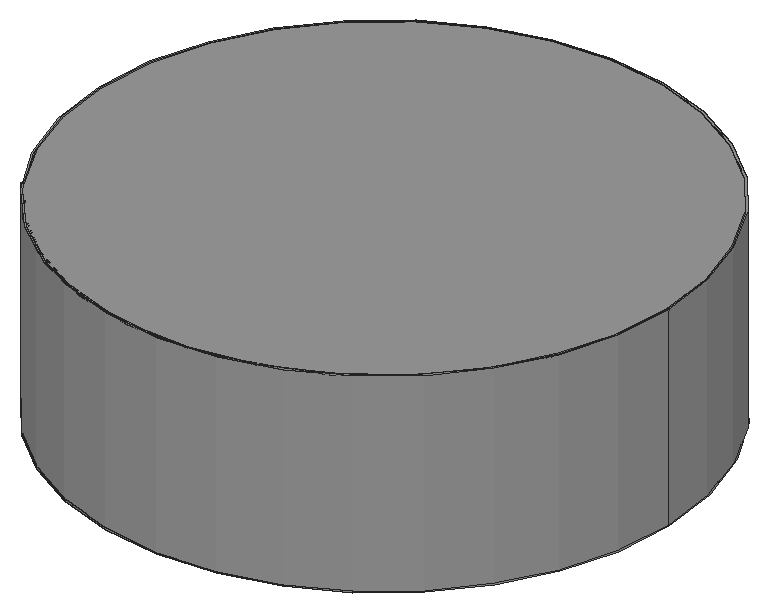
Revit family "Artemide_Tagora_Ceiling_570", category Lighting Fixtures, Revit 2018
Family settings
  Round Connector Dimension = Use Diameter
  Part Type = Normal
  Work Plane-Based = Yes
  Always vertical = Yes
  Cut with Voids When Loaded = No
  Light Source = Yes
  Shared = No
  Room Calculation Point = No
Parameters (values of type "Tagora_Ceiling_570_4000K_DaliSwitchDim_Beige/White_M248321")
  Wattage = 58 W
  built-in parameter 1150110 = 1 (stored number, unit not read)
  Voltage = "-"
  built-in parameter 1114217 = 1 (stored number, unit not read)
  Tilt Angle = 90.00°
  built-in parameter 1150109 = 1 (stored number, unit not read)
  built-in parameter 1150134 = 12
  built-in parameter 1150113 = 1 (stored number, unit not read)
  Radius_InternalCylinder = Radius_ExternalCyilinder - 2 mm  # 283 mm
  Radius_ExternalCyilinder = 285 mm
  Product Range = "Tagora"
  Photometric Web File = "M248321.IES"
  Max Height from ceiling = 0 mm
  M_HousingCylinder = Artemide_Aluminum_Beige
  M_Housing = Artemide_Aluminum_White
  M_Diffuser = Artemide_Glass_LightBulb
  built-in parameter 1150105 = 303.98 (stored number, unit not read)
  Lumens = 3819.88 lm
  built-in parameter 1150115 = 1 (stored number, unit not read)
  built-in parameter 1150137 = (empty or 0)
  built-in parameter 1150139 = (empty or 0)
  built-in parameter 1150112 = 1 (stored number, unit not read)
  built-in parameter 1150114 = 1 (stored number, unit not read)
  built-in parameter 1150132 = (empty or 0)
  built-in parameter 1150102 = (empty or 0)
  built-in parameter 1150107 = 4000 (stored number, unit not read)
  built-in parameter 1150138 = (empty or 0)
  built-in parameter 1150106 = 3.0398 (stored number, unit not read)
  IfcExportType = "NOT DEFINED"  # constant formula
  IfcExportAs = "IfcLightFixtureType"  # constant formula
  Weekly = "-"
  Warranty ID = "https://cloud.artemide.com/5-years-warranty"
  Upward Component  = 0
  Unified Glare Rating  = "-"
  Uniclass 2015 = "Pr_70_70_48"  # constant formula
  URL to O&M Manual = "https://www.artemide.com/contents/documenti/prodotto/tagora_soffitto_570_instructions2492521.pdf"
  URL to Energy Technology List = "-"
  Trim Material = "-"
  Trim Finish = "-"
  Trim Colour  = "-"
  Total Power = 0
  Total Light Output  = 0
  Testing method = "-"
  Supply Phase = 0
  Suitable for Photocell Control = "-"
  Suitable for Motion Detector Control = "N"
  Suitable for Dimming  = "Y"
  Suitable Dimmer Type = "DALI"
  Standards = "-"
  Shipping Weight = 0
  Service life  = "-"
  Secondary Rated Lamp Life = 0
  Secondary Lamp Voltage = 0
  Secondary Lamp International Type Code = "-"
  Secondary Lamp Initial Lumens  = 0
  Secondary Lamp Included = "-"
  Secondary Lamp Efficacy = 0
  Secondary Lamp Colour Temperature = 0
  Secondary Lamp Colour Rendering Index = 0
  Secondary Lamp Cap = "-"
  Secondary Lamp = "-"
  Responsible Sourcing of Materials = "-"
  Responsible Extraction of Materials = "-"
  Reflector Material = "-"
  Reflector Finish = "-"
  Rated Lamp Life = 50000
  Quarterly = "-"
  Product Model Number = "M248321"
  Product Literature = "https://www.artemide.com/en/subfamily/1684770/tagora-ceiling-570"
  Primary Lamp Type = "LED"
  Power Supply Kit = "-"
  Power Factor = 0
  Photocell = "-"
  Overall Width = 0
  Overall Light Output Ratio = 0
  Overall Length = 570
  Overall Height = 190
  Output Lumens Indirect light = 0
  Output Lumens Direct light = 3820
  Number of Secondary Lamps = 0
  Number of Primary Lamps = 1
  Number of Poles = 0
  Motion Sensor = "-"
  Motion Detector = "-"
  Monthly = "-"
  Minimum Operating Temperature = 0
  Maximum Operating Temperature = 0
  Material Ingredient Reporting = "-"
  Manufacturer Website = "https://www.artemide.com"
  Manufacturer = "Artemide"
  Maintenance Required: 8001-12000hrs  = "-"
  Maintenance Required: 601-1000hrs = "-"
  Maintenance Required: 4001-8000hrs  = "-"
  Maintenance Required: 301-600hrs  = "-"
  Maintenance Required: 2001-4000hrs  = "-"
  Maintenance Required: 1001-2000hrs  = "-"
  Maintenance Required: 0-300hrs  = "-"
  Luminance at 65deg Angle = 0
  Luminaire Type = "Ceiling lamp"
  Luminaire Maintenance Factor = 0
  Luminaire Cleaning Interval  = "-"
  Louvre/Lens = "-"
  Location of Manufacturer = "-"
  Light Output Pattern = "-"
  Light Fixture Mounting Type = "Ceiling"
  Life Cycle Analysis = "-"
  Lamp Survival Factor = "-"
  Lamp Replacement Interval = "-"
  Lamp Included = "Y"
  Lamp Holder Material = "-"
  Lamp Cap = "LED Integrated"
  LED lifetime = 50000
  LED Maintained Colour Variation         = 0
  LED Initial Colour Variation                      = 0
  International Type Code = "-"
  Intended Market = "Unset"
  Integral Fuse or Circuit Protection  = "-"
  Integral Emergency Lighting Battery Type = "-"
  Input Lumens Indirect light = 0
  Input Lumens Direct light = 8880
  Initial Lumens = 3820
  Infills = "-"
  IP Rating = "IP20"
  IK Rating = "-"
  IES Files  = "https://www.artemide.com/product/downloadFile/1687460/ieseu/4887894"
  Housing Material = "Aluminium"
  Housing Finish  = "Painted"
  Housing Colour  = "Beige/White"
  Hazardous Area Protection Type = "-"
  Hazardous Area Category = "-"
  Gross Weight = 4.8
  Green Guide for Specification = "-"
  Gasket Material = "-"
  Frequency  = 0
  Fixings = "-"
  Fixing Material = "-"
  Fire Shroud = "-"
  Fire Rating Duration = 0
  Fire Rated Temperature = 0
  Fire Rated = "-"
  Features = "Any additional components/accessories included in this file are required to complete the product/configuration and must be ordered separately.Please check the catalogue/dedicated brochure for more information"
  Face Width = 0
  Face Shape = "Cylindrical"
  Face Length = 0
  External Control Line Voltage = 0
  Expected Life = "-"
  Environmental Product Declaration = "-"
  End Caps/Transition Caps/Joints = "-"
  Emit from Circle Diameter = 475 mm
  Emit Shape Visible in Rendering = no
  Emergency light output percentage = 0
  Emergency Lighting Battery = "-"
  Emergency Charging Power       = 0
  Emergency = "N"
  Embodied Carbon  = 0
  Efficiency = 43
  built-in parameter 1150104 = 6.1186 (stored number, unit not read)
  Earth Point  = "-"
  ENEC Certification of European conformity = "N"
  Duration of Integral Emergency Lighting  = 0
  Drive Current                                          = 0
  Downward Component = 0
  Distance_HeightLamp = 194.5 mm
  Dimming Lamp Color Temperature Shift = <None>
  Diffusing screen = "-"
  Diffuser Material  = "-"
  Diffuser Finish = "-"
  Designed by = "S./R. Cornelissen"
  Default Elevation = 1219.2 mm
  Daylight Sensor = "-"
  Daily = "-"
  Cut Out Width = 0
  Cut Out Length = 0
  Current  = 0
  Control Gear Type = "-"
  Control Gear Standby Power  = 0
  Control Gear Required = "-"
  Control Gear Location = "-"
  Column = "-"
  Colour Temperature = 4000
  Colour Rendering Index = 80
  Color Filter = 16777215
  Cable Material = "-"
  CE Approval = "Y"
  Bespoke Timeframe = "-"
  Beam Angle Transverse Axis  = 0.00°
  Beam Angle Longditudinal Axis  = 0.00°
  Basis of lifetime luminaire failures        = 0
  Basis of lifetime lumen depreciation   = 0
  built-in parameter 1114218 = 1 (stored number, unit not read)
  built-in parameter 1150133 = 10 (stored number, unit not read)
  Application Environment = "Internal"
  Annually = "-"
  Ambient Temperature                             = 0
  Air Handling = "-"
  Access Clearance Top = 0
  Access Clearance Right = 0
  Access Clearance Rear = 0
  Access Clearance Left = 0
  Access Clearance Front = 0
  Access Clearance Bottom = 0
  6 Monthly = "-"
Types (10, lengths in mm): name | built-in parameter 1150134 | Photometric Web File | M_HousingCylinder | M_Housing | built-in parameter 1150105 | Lumens | built-in parameter 1150107 | built-in parameter 1150106 | Product Model Number | Output Lumens Direct light | Input Lumens Direct light | Initial Lumens | IES Files  | Housing Colour  | built-in parameter 1150104 | Colour Temperature
  Tagora_Ceiling_570_3000K_DaliSwitchDim_Beige/White_M248221 | (empty or 0) | "M248221.IES" | Artemide_Aluminum_Beige | Artemide_Aluminum_White | 285.93 (stored number, unit not read) | 3593.1 lm | 3000 (stored number, unit not read) | 2.8593 (stored number, unit not read) | "M248221" | 3593 | 8352 | 3593 | "https://www.artemide.com/product/downloadFile/1686842/ieseu/4887806" | "Beige/White" | 5.7553 (stored number, unit not read) | 3000
  Tagora_Ceiling_570_4000K_DaliSwitchDim_Beige/White_M248321 | 12 | "M248321.IES" | Artemide_Aluminum_Beige | Artemide_Aluminum_White | 303.98 (stored number, unit not read) | 3819.88 lm | 4000 (stored number, unit not read) | 3.0398 (stored number, unit not read) | "M248321" | 3820 | 8880 | 3820 | "https://www.artemide.com/product/downloadFile/1687460/ieseu/4887894" | "Beige/White" | 6.1186 (stored number, unit not read) | 4000
  Tagora_Ceiling_570_3000K_DaliSwitchDim_Grey/White_M248261 | (empty or 0) | "M248261.IES" | Artemide_Aluminum_Grey | Artemide_Aluminum_White | 285.93 (stored number, unit not read) | 3593.1 lm | 3000 (stored number, unit not read) | 2.8593 (stored number, unit not read) | "M248261" | 3593 | 8352 | 3593 | "https://www.artemide.com/product/downloadFile/1686632/ieseu/4887688" | "Grey/White" | 5.7553 (stored number, unit not read) | 3000
  Tagora_Ceiling_570_4000K_DaliSwitchDim_Grey/White_M248361 | 12 | "M248361.IES" | Artemide_Aluminum_Grey | Artemide_Aluminum_White | 303.98 (stored number, unit not read) | 3819.88 lm | 4000 (stored number, unit not read) | 3.0398 (stored number, unit not read) | "M248361" | 3820 | 8880 | 3820 | "https://www.artemide.com/product/downloadFile/1687256/ieseu/4887929" | "Grey/White" | 6.1186 (stored number, unit not read) | 4000
  Tagora_Ceiling_570_3000K_DaliSwitchDim_Black/Orange_M248211 | (empty or 0) | "M248211.IES" | Artemide_Aluminum_Black | Artemide_Aluminum_Orange | 285.93 (stored number, unit not read) | 3593.1 lm | 3000 (stored number, unit not read) | 2.8593 (stored number, unit not read) | "M248211" | 3593 | 8352 | 3593 | "https://www.artemide.com/product/downloadFile/1686316/ieseu/4887853" | "Black/Orange" | 5.7553 (stored number, unit not read) | 3000
  Tagora_Ceiling_570_4000K_DaliSwitchDim_Black/Orange_M248311 | 12 | "M248311.IES" | Artemide_Aluminum_Black | Artemide_Aluminum_Orange | 303.98 (stored number, unit not read) | 3819.88 lm | 4000 (stored number, unit not read) | 3.0398 (stored number, unit not read) | "M248311" | 3820 | 8880 | 3820 | "https://www.artemide.com/product/downloadFile/1687052/ieseu/4887889" | "Black/Orange" | 6.1186 (stored number, unit not read) | 4000
  Tagora_Ceiling_570_3000K_DaliSwitchDim_Black/Blue_M248231 | (empty or 0) | "M248231.IES" | Artemide_Aluminum_Black | Artemide_Aluminum_Blue | 285.93 (stored number, unit not read) | 3593.1 lm | 3000 (stored number, unit not read) | 2.8593 (stored number, unit not read) | "M248231" | 3593 | 8352 | 3593 | "https://www.artemide.com/product/downloadFile/2492318/ieseu/4887641" | "Black/Blue" | 5.7553 (stored number, unit not read) | 3000
  Tagora_Ceiling_570_4000K_DaliSwitchDim_Black/Blue_M248331 | 12 | "M248331.IES" | Artemide_Aluminum_Black | Artemide_Aluminum_Blue | 303.98 (stored number, unit not read) | 3819.88 lm | 4000 (stored number, unit not read) | 3.0398 (stored number, unit not read) | "M248331" | 3820 | 8880 | 3820 | "https://www.artemide.com/product/downloadFile/2493177/ieseu/4887924" | "Black/Blue" | 6.1186 (stored number, unit not read) | 4000
  Tagora_Ceiling_570_3000K_DaliSwitchDim_Black/Green_M248241 | (empty or 0) | "M248241.IES" | Artemide_Aluminum_Black | Artemide_Aluminum_Green | 285.93 (stored number, unit not read) | 3593.1 lm | 3000 (stored number, unit not read) | 2.8593 (stored number, unit not read) | "M248241" | 3593 | 8352 | 3593 | "https://www.artemide.com/product/downloadFile/2492824/ieseu/4887725" | "Black/Green" | 5.7553 (stored number, unit not read) | 3000
  Tagora_Ceiling_570_4000K_DaliSwitchDim_Black/Green_M248341 | 12 | "M248341.IES" | Artemide_Aluminum_Black | Artemide_Aluminum_Green | 303.98 (stored number, unit not read) | 3819.88 lm | 4000 (stored number, unit not read) | 3.0398 (stored number, unit not read) | "M248341" | 3820 | 8880 | 3820 | "https://www.artemide.com/product/downloadFile/2493516/ieseu/4887880" | "Black/Green" | 6.1186 (stored number, unit not read) | 4000
Reference planes
  plane 1 "Center (Front/Back)": y = 0
  plane 2 "Top Lamp": z = 0
  plane 3 "Center (Left/Right)": x = 0
  plane 4 "Bottom Internal Cone": z = -193
  plane 5: z = -96.5
  plane 6: z = -71.603
  plane 7 "Top Internal Cone": z = -51
  plane 8 "Center L/T": z = -70.335
  plane 9 "Bottom Lamp": z = -194.5
  plane 10 "Light": z = -83.813
  plane 11: z = -1.5
  plane 12: z = -99.5
Forms (mm)
  Extrusion 1, solid, material "Artemide_Aluminum_Beige" <- "M_HousingCylinder"
    sketch origin (0, 0, 0) x (1, 0, 0) y (0, 1, 0)
      loop
        circle (0, 0) r 285
      loop
        circle (0, 0) r 283
    from -193 to 0
  Extrusion 2, solid, material "Artemide_Aluminum_Beige" <- "M_HousingCylinder"
    sketch origin (0, 0, 0) x (1, 0, 0) y (0, 1, 0)
      loop
        circle (0, 0) r 283
    from -1.5 to 0
  Revolve 3, solid, material "Artemide_Aluminum_White" <- "M_Housing"
    sketch origin (0, 0, 0) x (1, 0, 0) y (0, 0, 1)
      loop
        line (-225.911, -51) -> (-225.911, -71.603) -> (0, -71.603) -> (0, -70.335) -> (-224.411, -70.335) -> (-224.411, -51) -> (-225.911, -51)
      axis (0, -51) -> (0, -71.603)
    angle from 0 to 360
  Revolve 4, solid, material "Artemide_Aluminum_White" <- "M_Housing"
    sketch origin (0, 0, 0) x (1, 0, 0) y (0, 0, 1)
      loop
        line (-225.911, -70.335) -> (-283.111, -193) -> (-285, -193) -> (-285, -194.5) -> (-282.045, -194.5) -> (-224.146, -70.335) -> (-225.911, -70.335)
      axis (0, -70.335) -> (0, -194.5)
    angle from 0 to 360
  Revolve 5, solid, material "Artemide_Glass_LightBulb" <- "M_Diffuser"
    sketch origin (0, 0, 0) x (1, 0, 0) y (0, 0, 1)
      loop
        line (0, -96.5) -> (-236.101, -96.5) -> (-237.5, -99.5) -> (0, -99.5) -> (0, -96.5)
      axis (0, -96.5) -> (0, -99.5)
    angle from 0 to 360
Dimensions and locks
  locked: level to plane 11 at 1.5
  "Distance_HeightLamp": plane 2 "Top Lamp" to plane 9 "Bottom Lamp"
  locked: plane 4 "Bottom Internal Cone" to plane 9 "Bottom Lamp" at 1.5
  locked: plane 12 to plane 4 "Bottom Internal Cone" at 93.5
  locked: plane 5 to plane 12 at 3
  locked: imposter light to plane 5 at 12.687
  locked: plane 6 to plane 10 "Light" at 12.21
  locked: plane 8 "Center L/T" to plane 6 at 1.268
  locked: plane 7 "Top Internal Cone" to plane 8 "Center L/T" at 19.335
  "Radius_ExternalCyilinder": radius of Extrusion 1 sketch curve
  "Radius_InternalCylinder": radius of Extrusion 1 sketch curve
  "Radius_InternalCylinder": radius of Extrusion 2 sketch curve
  aligned and locked: level to plane 2 "Top Lamp"
  aligned and locked: plane 10 "Light" to imposter light
  aligned and locked: plane 3 "Center (Left/Right)" to imposter light
  aligned and locked: imposter light to plane 1 "Center (Front/Back)"
  aligned and locked: plane 3 "Center (Left/Right)" to Extrusion 1 sketch curve  (x2)
  aligned and locked: plane 1 "Center (Front/Back)" to Extrusion 1 sketch curve  (x2)
  aligned and locked: Extrusion 1 to plane 4 "Bottom Internal Cone"
  aligned and locked: plane 2 "Top Lamp" to Extrusion 1
  aligned and locked: plane 3 "Center (Left/Right)" to Extrusion 2 sketch curve
  aligned and locked: plane 1 "Center (Front/Back)" to Extrusion 2 sketch curve
  aligned and locked: plane 2 "Top Lamp" to Extrusion 2
  aligned and locked: Extrusion 2 to plane 11
  aligned and locked: Revolve 3 sketch curve to plane 7 "Top Internal Cone"
  aligned and locked: Revolve 3 sketch curve to plane 8 "Center L/T"
  aligned and locked: plane 6 to Revolve 3 sketch curve
  aligned and locked: Revolve 3 sketch curve to plane 3 "Center (Left/Right)"
  aligned and locked: Revolve 4 sketch curve to plane 8 "Center L/T"
  aligned and locked: plane 4 "Bottom Internal Cone" to Revolve 4 sketch curve
  aligned and locked: Revolve 4 sketch curve to plane 9 "Bottom Lamp"
  aligned and locked: Revolve 4 sketch curve to plane 3 "Center (Left/Right)"
  aligned and locked: plane 5 to Revolve 5 sketch curve
  aligned and locked: Revolve 5 sketch curve to plane 12
  aligned and locked: Revolve 5 sketch curve to plane 3 "Center (Left/Right)"
Automatic sketch dimensions
  Revolve 3 sketch curve to plane 3 "Center (Left/Right)" = 0 mm
  Revolve 3 sketch curve to plane 3 "Center (Left/Right)" = 224.411 mm
  Revolve 3 sketch curve to Revolve 3 sketch curve = 1.5 mm
  Revolve 3 sketch curve to plane 9 "Bottom Lamp" = 1345.919 mm
  level to Revolve 3 sketch curve = 2214.315 mm
  Revolve 4 sketch curve to plane 3 "Center (Left/Right)" = 285 mm
  Revolve 4 sketch curve to Revolve 4 sketch curve = 1.889 mm
  Revolve 4 sketch curve to Revolve 4 sketch curve = 1.066 mm
  Revolve 4 sketch curve to Revolve 4 sketch curve = 57.2 mm
  Revolve 4 sketch curve to Revolve 4 sketch curve = 1.765 mm
  Revolve 4 sketch curve to plane 9 "Bottom Lamp" = 1345.919 mm
  level to Revolve 4 sketch curve = 2214.315 mm
  Revolve 5 sketch curve to plane 3 "Center (Left/Right)" = 0 mm
  Revolve 5 sketch curve to plane 3 "Center (Left/Right)" = 236.101 mm
  Revolve 5 sketch curve to Revolve 5 sketch curve = 1.399 mm
  Revolve 5 sketch curve to plane 9 "Bottom Lamp" = 1345.919 mm
  level to Revolve 5 sketch curve = 2214.315 mm
